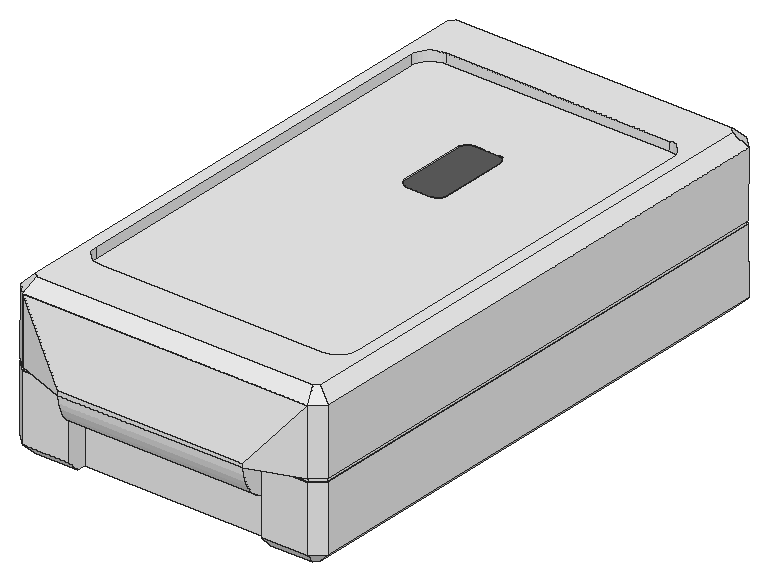
Revit family "PRD_AR_ThrmsttcMxngVlvs_HygieneUnit_ACLX1001_ACLX1003", category Specialty Equipment, host Face, Revit 2020
Family settings
  Host = Face
  Round Connector Dimension = Use Diameter
  Part Type = Normal
  OmniClass Number = 23.60.50.24
  OmniClass Title = Electric Controls
  Cut with Voids When Loaded = No
  Shared = No
  Room Calculation Point = No
Parameters (values of type "ACLX1001")
  WorkingPressure = 0.0 Pa
  WarrantyStartDate [instance] = "1900-12-31T23:59:59"
  WarrantyGuarantorParts = "n/a"
  WarrantyGuarantorLabor = "n/a"
  WarrantyDurationUnit = "year"
  WarrantyDurationParts = "n/a"
  WarrantyDurationLabor = "n/a"
  WarrantyDescription = "n/a"
  Version = "1"
  ValvePattern = "STRAIGHT_2_PORT"
  ValveOperation = "SOLENOID"
  ValveMechanism = "OTHER"
  Uniclass2015Version = "Products v1.32"
  Uniclass2015Title = "Thermostatic mixing valves"
  Uniclass2015Code = "Pr_65_54_95_88"
  URL = "www.kwc.com"
  TestPressure = 0.0 Pa
  TailorMade = "no"
  TagNumber [instance] = "n/a"
  SustainabilityPerformance = "n/a"
  Status = "New"
  Size = "0.000000000000"
  Shape = "n/a"
  SerialNumber [instance] = "n/a"
  Revision = "n/a"
  ReplacementCost = "n/a"
  Reference = "n/a"
  QuantityUom = "piece"
  Quantity = "1"
  ProtectiveSystemIP = "IP 67"
  ProductInformation = "http://pim.kwc.com/product/2030068985/attachment/datasheet?locale=en"
  PowerSupplyConnection = "6,75 / 12 V DC / A3000 open"
  PowerConsumption = "3 Voltampere"
  NominalWidth = 0 mm
  NominalHeight = 0 mm
  NominalDepth = 0 mm
  Name = "Hygiene unit ACLX1001"
  NBSTypeID = "n/a"
  NBSReference = "90-10-90/370"
  NBSOfficeMasterTag = "n/a"
  NBSNote = "n/a"
  NBSDescription = "Thermostatic mixing valves"
  NBSCertification = "n/a"
  ModelReference = "ACLX1001"
  ModelNumber = "2030068985"
  Model = "ACLX1001"
  Material = "n/a"
  ManufacturerURL = "www.kwc.com"
  ManufacturerName = "KWC Group AG"
  Manufacturer = "KWC Group AG"
  IntegralAccessories = "electronic control unit"
  InstallationDate [instance] = "1900-12-31T23:59:59"
  IfcExportType = "USERDEFINED"
  IfcExportAs = "IfcValveType"
  Grade = "n/a"
  FlowCoefficient = 0
  Finish = "n/a"
  Features = "projection 100 mm, for performing automatic hygiene flushing and program-controlled thermal disinfection. Battery compartment including battery or plug-in power supply unit must be ordered separately."
  ExpectedLife = "n/a"
  DurationUnit = "year"
  Description = "Hygiene unit for F5L single lever mixer, projection 100 mm, for performing automatic hygiene flushing and program-controlled thermal disinfection. Function block with 2 solenoid valve cartridges and electronic control unit made of plastic for wall-mounting, for battery or mains operation, 6 V DC. Activated water hygiene flushing, fixed interval of 24 hours and saving of statistical data.With option for parameterization and communication via optional, bidirectional remote control. Battery compartment including battery or plug-in power supply unit must be ordered separately."
  Default Elevation = 1219.2 mm
  CreatedOn = "02/2024"  # constant formula
  Constituents = "n/a"
  Color = "n/a"
  CodePerformance = "n/a"
  CloseOffRating = 0.0 Pa
  Category = "Pr_65_54_95_88, Thermostatic mixing valves"
  BodyMaterial = PRD_AR_SyntheticWhite
  BarCode [instance] = "n/a"
  BIMObjectName = "PRD_AR_ThermostaticMixingValves_HygieneUnit_ACLX1001"
  Author = "Archispace"
  AssetType = "Fixed"
  AssetIdentifier [instance] = "n/a"
  AccessibilityPerformance = "n/a"
Types (2, lengths in mm): name | ProductInformation | Name | ModelReference | ModelNumber | Model | Features | Description | BIMObjectName
  ACLX1001 | "http://pim.kwc.com/product/2030068985/attachment/datasheet?locale=en" | "Hygiene unit ACLX1001" | "ACLX1001" | "2030068985" | "ACLX1001" | "projection 100 mm, for performing automatic hygiene flushing and program-controlled thermal disinfection. Battery compartment including battery or plug-in power supply unit must be ordered separately." | "Hygiene unit for F5L single lever mixer, projection 100 mm, for performing automatic hygiene flushing and program-controlled thermal disinfection. Function block with 2 solenoid valve cartridges and electronic control unit made of plastic for wall-mounting, for battery or mains operation, 6 V DC. Activated water hygiene flushing, fixed interval of 24 hours and saving of statistical data.With option for parameterization and communication via optional, bidirectional remote control. Battery compartment including battery or plug-in power supply unit must be ordered separately." | "PRD_AR_ThermostaticMixingValves_HygieneUnit_ACLX1001"
  ACLX1003 | "http://pim.kwc.com/product/2030068986/attachment/datasheet?locale=en" | "Hygiene unit ACLX1003" | "ACLX1003" | "2030068986" | "ACLX1003" | "projection 125 mm, for performing automatic hygiene flushing and program-controlled thermal disinfection. Battery compartment including battery or plug-in power supply unit must be ordered separately." | "Hygiene unit for F5L single lever mixer, projection 125 mm, for performing automatic hygiene flushing and program-controlled thermal disinfection. Function block with 2 solenoid valve cartridges and electronic control unit made of plastic for wall-mounting, for battery or mains operation, 6 V DC. Activated water hygiene flushing, fixed interval of 24 hours and saving of statistical data. With option for parameterization and communication via optional, bidirectional remote control. Battery compartment including battery or plug-in power supply unit must be ordered separately." | "PRD_AR_ThermostaticMixingValves_HygieneUnit_ACLX1003"
Reference planes
  plane 1 "Center (Front/Back)": y = 0
  plane 2: z = 0
  plane 3 "Center (Left/Right)": x = 0
Dimensions and locks
  aligned and locked: plane 2 to host face
  aligned and locked: level to host face
Nested families
  nested 1: "ACLX1001, ACLX1003 control unit" at (0, 86.247, 0) x (1, 0, 0) z (0, 1, 0), type "ACLX1001, ACLX1003 control unit"
Connectors
  electrical at (0, 0, 0), driven by "PowerSupplyConnection"
    settings: on nested 1, index 1, voltage 12 V, apparent load 0 VA, apparent load phase1 0 VA, apparent load phase2 0 VA, apparent load phase3 0 VA, power factor 1, load classification "Other", number of poles 1, system type 30, power factor state 1, is connector primary yes, connector utility no, sub classification motor no, connector description "6,75 / 12 V DC / A3000 open"
Definition of nested family "ACLX1001, ACLX1003 control unit"
  Parameters (values of type "ACLX1001, ACLX1003 control unit")
    Material = none
    Default Elevation = 1219.2 mm
  Reference planes
    plane 1 "Center (Front/Back)": y = 0
    plane 2: z = -86.247
    plane 3 "Center (Left/Right)": x = 0
  Forms (mm)
    Extrusion 1, solid, material <- "Material", detail levels fine
      sketch origin (0, 0, 0) x (1, 0, 0) y (0, 0, 1)
        loop
          line (-40, -18.247) -> (-40, -154.247) -> (-37, -157.247) -> (37, -157.247) -> (40, -154.247) -> (40, -18.247) -> (37, -15.247) -> (-37, -15.247) -> (-40, -18.247)
      from 0 to 20
    Extrusion 2, solid, material <- "Material", detail levels fine
      sketch origin (0, -20, 0) x (1, 0, 0) y (0, 0, 1)
        loop
          line (-40, -18.247) -> (-40, -154.247) -> (-37, -157.247) -> (37, -157.247) -> (40, -154.247) -> (40, -18.247) -> (37, -15.247) -> (-37, -15.247) -> (-40, -18.247)
      from 1 to 21
    Extrusion 3, solid, material <- "Material", detail levels fine
      sketch origin (0, -5, 0) x (1, 0, 0) y (0, 0, 1)
        loop
          line (-39.5, -18.454) -> (-39.5, -154.04) -> (-36.793, -156.747) -> (36.793, -156.747) -> (39.5, -154.04) -> (39.5, -18.454) -> (36.793, -15.747) -> (-36.793, -15.747) -> (-39.5, -18.454)
      from 15 to 16
    Extrusion 4, void
      sketch origin (0, 0, 0) x (1, 0, 0) y (0, 0, 1)
        loop
          arc (-29, -30.169) -> (-32.535, -31.633) -> (-34, -35.169) r 5
          line (-34, -35.169) -> (-34, -137.325)
          arc (-34, -137.325) -> (-32.535, -140.861) -> (-29, -142.325) r 5
          line (-29, -142.325) -> (29, -142.325)
          arc (29, -142.325) -> (32.535, -140.861) -> (34, -137.325) r 5
          line (34, -137.325) -> (34, -35.169)
          arc (34, -35.169) -> (32.535, -31.633) -> (29, -30.169) r 5
          line (29, -30.169) -> (-29, -30.169)
      from 38.5 to 41
    Extrusion 5, solid, detail levels fine
      sketch origin (0, 0, 0) x (1, 0, 0) y (0, 0, 1)
        loop
          line (-5.3, -55.619) -> (-5.3, -72.619)
          arc (-5.3, -72.619) -> (-4.626, -74.245) -> (-3, -74.919) r 2.3
          line (-3, -74.919) -> (3.049, -74.919)
          arc (3.049, -74.919) -> (4.676, -74.245) -> (5.349, -72.619) r 2.3
          line (5.349, -72.619) -> (5.349, -55.619)
          arc (5.349, -55.619) -> (4.676, -53.992) -> (3.049, -53.319) r 2.3
          line (3.049, -53.319) -> (-3, -53.319)
          arc (-3, -53.319) -> (-4.626, -53.992) -> (-5.3, -55.619) r 2.3
      from 38.5 to 37.5
    Extrusion 6, void
      sketch origin (0, 0, 0) x (1, 0, 0) y (0, 0, 1)
        loop
          line (-5.5, -55.619) -> (-5.5, -72.619)
          arc (-5.5, -72.619) -> (-4.768, -74.386) -> (-3, -75.119) r 2.5
          line (-3, -75.119) -> (3.049, -75.119)
          arc (3.049, -75.119) -> (4.817, -74.386) -> (5.549, -72.619) r 2.5
          line (5.549, -72.619) -> (5.549, -55.619)
          arc (5.549, -55.619) -> (4.817, -53.851) -> (3.049, -53.119) r 2.5
          line (3.049, -53.119) -> (-3, -53.119)
          arc (-3, -53.119) -> (-4.768, -53.851) -> (-5.5, -55.619) r 2.5
      from 38.5 to 37.5
    Extrusion 7, void
      sketch origin (0, 0, 0) x (1, 0, 0) y (0, 0, 1)
        loop
          line (-25, -157.247) -> (25, -157.247) -> (25, -152.247) -> (-25, -152.247) -> (-25, -157.247)
        loop
          line (-25, -15.247) -> (-25, -20.247) -> (25, -20.247) -> (25, -15.247) -> (-25, -15.247)
      from 0 to 20
    Sweep 8, void
      path in 3D
        loop
          line (-40, -41, -154.247) -> (-37, -41, -157.247) -> (37, -41, -157.247) -> (40, -41, -154.247) -> (40, -41, -18.247) -> (37, -41, -15.247) -> (-37, -41, -15.247) -> (-40, -41, -18.247) -> (-40, -41, -154.247)
      profile origin (-40, -41, -86.247) x (-1, 0, 0) y (0, -1, 0)
        loop
          line (0, 0) -> (-3, 0) -> (0, -3) -> (0, 0)
    Sweep 9, void
      path in 3D
        loop
          line (-40, 0, -154.247) -> (-37, 0, -157.247) -> (37, 0, -157.247) -> (40, 0, -154.247) -> (40, 0, -18.247) -> (37, 0, -15.247) -> (-37, 0, -15.247) -> (-40, 0, -18.247) -> (-40, 0, -154.247)
      profile origin (-40, 0, -86.247) x (-1, 0, 0) y (0, -1, 0)
        loop
          line (0, 0) -> (0, 3) -> (-3, 0) -> (0, 0)
    SweptBlend 10, solid, material <- "Material", detail levels fine
      path origin (0, 0, 0) x (1, 0, 0) y (0, 0, 1)
        loop
          line (0, -15.247) -> (0, -10.497)
      profile origin (0, 0, -15.247) x (-1, 0, 0) y (0, -1, 0)
        loop
          line (37, 21) -> (37, 38) -> (-37, 38) -> (-37, 21) -> (37, 21)
      end profile origin (0, 0, -10.497) x (-1, 0, 0) y (0, -1, 0)
        loop
          line (24, 21) -> (24, 22) -> (-24, 22) -> (-24, 21) -> (24, 21)
    Extrusion 11, solid, material <- "Material", detail levels fine
      sketch origin (0, 0, 0) x (0, 1, 0) y (0, 0, 1)
        loop
          arc (-11.25, -20.247) -> (-14.106, -13.353) -> (-21, -10.497) r 9.75
          line (-21, -10.497) -> (-21, -20.247) -> (-11.25, -20.247)
      from -24 to 24
    SweptBlend 12, solid, material <- "Material", detail levels fine
      path origin (0, 0, -172.494) x (1, 0, 0) y (0, 0, -1)
        loop
          line (0, -15.247) -> (0, -10.497)
      profile origin (0, 0, -157.247) x (0, -1, 0) y (1, 0, 0)
        loop
          line (21, -37) -> (38, -37) -> (38, 37) -> (21, 37) -> (21, -37)
      end profile origin (0, 0, -161.997) x (0, -1, 0) y (1, 0, 0)
        loop
          line (21, -24) -> (22, -24) -> (22, 24) -> (21, 24) -> (21, -24)
    Extrusion 13, solid, material <- "Material", detail levels fine
      sketch origin (0, 0, -172.494) x (0, 1, 0) y (0, 0, 1)
        loop
          line (-11.25, 20.247) -> (-21, 20.247) -> (-21, 10.497)
          arc (-21, 10.497) -> (-14.106, 13.353) -> (-11.25, 20.247) r 9.75
      from -24 to 24
    Extrusion 14, solid, material <- "Material", detail levels coarse+medium
      sketch origin (0, -20, 0) x (1, 0, 0) y (0, 0, 1)
        loop
          line (-40, -10.497) -> (-40, -161.997) -> (40, -161.997) -> (40, -10.497) -> (-40, -10.497)
      from -20 to 21
  Cuts and joins
    Extrusion 4, Extrusion 6, Sweep 8 cuts Extrusion 2
    Extrusion 7, Sweep 9 cuts Extrusion 1
    joined: SweptBlend 10, Extrusion 11
    joined: SweptBlend 12, Extrusion 13
  Lines and regions (mm)
    sketch lines
      curve 1: line (-40, -41, -18.247) -> (-40, -41, -154.247)
      curve 2: line (37, -41, -15.247) -> (-37, -41, -15.247)
      curve 3: line (40, -41, -154.247) -> (40, -41, -18.247)
      curve 4: line (-37, -41, -157.247) -> (37, -41, -157.247)
      curve 5: line (-37, -41, -15.247) -> (-40, -41, -18.247)
      curve 6: line (40, -41, -18.247) -> (37, -41, -15.247)
      curve 7: line (-40, -41, -154.247) -> (-37, -41, -157.247)
      curve 8: line (37, -41, -157.247) -> (40, -41, -154.247)
      curve 9: line (-40, 0, -18.247) -> (-40, 0, -154.247)
      curve 10: line (37, 0, -15.247) -> (-37, 0, -15.247)
      curve 11: line (40, 0, -154.247) -> (40, 0, -18.247)
      curve 12: line (-37, 0, -157.247) -> (37, 0, -157.247)
      curve 13: line (-37, 0, -15.247) -> (-40, 0, -18.247)
      curve 14: line (40, 0, -18.247) -> (37, 0, -15.247)
      curve 15: line (-40, 0, -154.247) -> (-37, 0, -157.247)
      curve 16: line (37, 0, -157.247) -> (40, 0, -154.247)
  Dimensions and locks
    aligned and locked: level to plane 2
